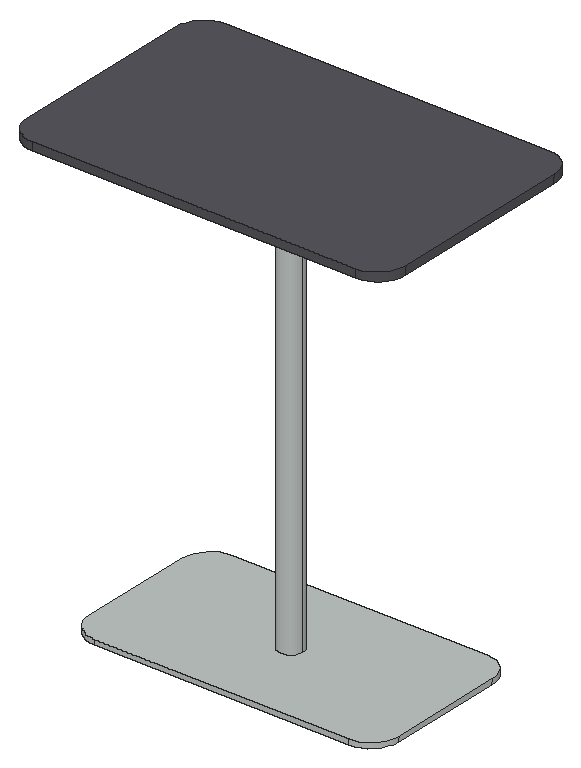
Revit family "FU_Table_Sandler_Nume 9-1FH", category Furniture, Revit 2020
Family settings
  OmniClass Number = 23.40.20.00
  OmniClass Title = General Furniture and Specialties
  Work Plane-Based = No
  Always vertical = Yes
  Cut with Voids When Loaded = No
  Shared = No
  Room Calculation Point = No
Parameters (values of type "NUME 9.1FH HPL/Fenix Top")
  Width = 550 mm
  URL = "https://www.sandlerseating.com/product/nume-9-1-FH/"
  Top Type = Nume_HPL_Top : Nume HPL 550x350x12mm
  Top Finish = HPL - Solid - Black
  Model = "Nume 9.1FH"
  Manufacturer = "Sandler"
  Height = 660 mm
  Description = "Fixed height side table, with HPL top and steel base."
  Depth = 350 mm
  Default Elevation = 0 mm
  Base Finish = Epoxy - M1_Aluminum
Types (3, lengths in mm): name | Top Type | Top Finish | Description | Base Finish
  (no name) | Nume_HPL_Top : Nume HPL 550x350x12mm | HPL - Solid - Black | "Fixed height side table, with HPL top and steel base." | Epoxy - M1_Aluminum
  NUME 9.1FH HPL/Fenix Top | Nume_HPL_Top : Nume HPL 550x350x12mm | HPL - Solid - Black | "Fixed height side table, with HPL top and steel base." | Epoxy - M1_Aluminum
  Nume 9.1 Wood/Laminate Top | Nume_Wood_Top : Nume Wood 550x350x19mm | Wood - Oak - Natural - V | "Fixed height side table, with wood top and steel base." | Epoxy - M2_B44
Reference planes
  plane 1 "Center (Front/Back)": y = 0
  plane 2: z = 0
  plane 3 "Center (Left/Right)": x = 0
  plane 4 "Right": x = -275
  plane 5 "Left": x = 275
  plane 6 "Back": y = 175
  plane 7 "Front": y = -175
  plane 8 "Height": z = 660
  plane 9 "Top Base": z = 648
Forms (mm)
  Extrusion 1, solid, material "Epoxy - M1_Aluminum" <- "Base Finish"
    sketch origin (0, -3.372, 0) x (1, 0, 0) y (0, 1, 0)
      loop
        arc (-185, 128.383) -> (-213.284, 116.668) -> (-225, 88.383) r 40
        line (-225, 88.383) -> (-225, -81.639)
        arc (-225, -81.639) -> (-213.284, -109.924) -> (-185, -121.639) r 40
        line (-185, -121.639) -> (185, -121.639)
        arc (185, -121.639) -> (213.284, -109.924) -> (225, -81.639) r 40
        line (225, -81.639) -> (225, 88.383)
        arc (225, 88.383) -> (213.284, 116.668) -> (185, 128.383) r 40
        line (185, 128.383) -> (-185, 128.383)
    from 0 to 7
  Revolve 2, solid, material "Epoxy - M1_Aluminum" <- "Base Finish"
    sketch origin (0, 0, 0) x (1, 0, 0) y (0, 0, 1)
      loop
        line (-12.5, 648) -> (-14.5, 648)
        arc (-14.5, 648) -> (-16.621, 647.121) -> (-17.5, 645) r 3
        line (-17.5, 645) -> (-17.5, 7) -> (-12.5, 7) -> (-12.5, 648)
      axis (0, 648) -> (0, 7)
    angle from 0 to 360
  Extrusion 3, solid, material "Epoxy - M1_Aluminum" <- "Base Finish"
    sketch origin (0, 0, 648) x (-1, 0, 0) y (0, -1, 0)
      loop
        arc (90, -75.051) -> (97.071, -72.122) -> (100, -65.051) r 10
        line (100, -65.051) -> (100, 64.947)
        arc (100, 64.947) -> (97.071, 72.018) -> (90, 74.947) r 10
        line (90, 74.947) -> (-90, 74.947)
        arc (-90, 74.947) -> (-97.071, 72.018) -> (-100, 64.947) r 10
        line (-100, 64.947) -> (-100, -65.051)
        arc (-100, -65.051) -> (-97.071, -72.122) -> (-90, -75.051) r 10
        line (-90, -75.051) -> (90, -75.051)
    from 0 to -4.04
Cuts and joins
  joined: Extrusion 1, Revolve 2
Dimensions and locks
  equal spacing: plane 4 "Right", plane 3 "Center (Left/Right)", plane 5 "Left"
  "Width": plane 4 "Right" to plane 5 "Left"
  equal spacing: plane 6 "Back", plane 1 "Center (Front/Back)", plane 7 "Front"
  "Depth": plane 6 "Back" to plane 7 "Front"
  "Height": plane 8 "Height" to level
  plane 9 "Top Base" to level = 648 mm
  locked: plane 8 "Height" to plane 9 "Top Base" at 12
  aligned and locked: level to plane 2
  aligned and locked: cut or joined group of Extrusion 1, Revolve 2 to plane 9 "Top Base"
Automatic sketch dimensions
  Revolve 2 sketch curve to plane 3 "Center (Left/Right)" = 0 mm
  Revolve 2 sketch curve to plane 3 "Center (Left/Right)" = 12.5 mm
  Revolve 2 sketch curve to Revolve 2 sketch curve = 2 mm
  Revolve 2 sketch curve to Revolve 2 sketch curve = 5 mm
  level to Revolve 2 sketch curve = 7 mm
  plane 1 "Center (Front/Back)" to Extrusion 3 sketch curve = 64.947 mm
  plane 3 "Center (Left/Right)" to Extrusion 3 sketch curve = 100 mm
  Extrusion 3 sketch curve to Extrusion 3 sketch curve = 10 mm  (x3)
  Extrusion 3 sketch curve to plane 3 "Center (Left/Right)" = 90 mm  (x2)
  Extrusion 3 sketch curve to plane 1 "Center (Front/Back)" = 65.051 mm
  Extrusion 1 sketch curve to plane 4 "Right" = 50 mm
  Extrusion 1 sketch curve to Extrusion 1 sketch curve = 40 mm  (x3)
  plane 5 "Left" to Extrusion 1 sketch curve = 90 mm  (x2)
  plane 7 "Front" to Extrusion 1 sketch curve = 49.989 mm
  Extrusion 1 sketch curve to plane 6 "Back" = 89.989 mm
  Revolve 2 sketch curve to plane 9 "Top Base" = 3 mm
  Revolve 2 sketch curve to Revolve 2 sketch curve = 207.542 mm
  Revolve 2 sketch curve to Revolve 2 sketch curve = 177 mm
Nested families
  nested 1: "Nume_HPL_Top" at (0, 0, 0), type <- "Top Type", Top Elevation <- "Height", Top Finish <- "Top Finish", type "Nume HPL 550x350x12mm"
    with Top Finish HPL - Solid - Black, Top Elevation 660 mm
Definition of nested family "Nume_HPL_Top"
  Parameters (values of type "Nume HPL 550x350x12mm")
    Width = 550 mm
    Top Elevation [instance] = 750 mm
    Top Finish [instance] = none
    Depth = 350 mm
    Default Elevation = 0 mm
  Reference planes
    plane 1 "Center (Front/Back)": y = 0
    plane 2: z = 0
    plane 3 "Center (Left/Right)": x = 0
    plane 4 "Right": x = -275
    plane 5 "Left": x = 275
    plane 6 "Back": y = 175
    plane 7 "Front": y = -175
    plane 8 "Elevation": z = 750
    plane 9 "Thickness": z = 738
  Forms (mm)
    Extrusion 1, solid, material <- "Top Finish"
      sketch origin (0, 0, 750) x (-1, 0, 0) y (0, -1, 0)
        loop
          arc (235, -175) -> (263.284, -163.284) -> (275, -135) r 40
          line (275, -135) -> (275, 135)
          arc (275, 135) -> (263.284, 163.284) -> (235, 175) r 40
          line (235, 175) -> (-235, 175)
          arc (-235, 175) -> (-263.284, 163.284) -> (-275, 135) r 40
          line (-275, 135) -> (-275, -135)
          arc (-275, -135) -> (-263.284, -163.284) -> (-235, -175) r 40
          line (-235, -175) -> (235, -175)
      from 0 to -12
  Dimensions and locks
    equal spacing: plane 4 "Right", plane 3 "Center (Left/Right)", plane 5 "Left"
    "Width": plane 4 "Right" to plane 5 "Left"
    equal spacing: plane 6 "Back", plane 1 "Center (Front/Back)", plane 7 "Front"
    "Depth": plane 6 "Back" to plane 7 "Front"
    "Top Elevation": plane 8 "Elevation" to level
    plane 9 "Thickness" to level = 738 mm
    locked: plane 8 "Elevation" to plane 9 "Thickness" at 12
    aligned and locked: level to plane 2
    aligned and locked: Extrusion 1 to plane 9 "Thickness"
    aligned and locked: plane 8 "Elevation" to Extrusion 1
    aligned and locked: Extrusion 1 to plane 8 "Elevation"  (x2)
  Automatic sketch dimensions
    Extrusion 1 sketch curve to plane 5 "Left" = 0 mm
    Extrusion 1 sketch curve to plane 6 "Back" = 0 mm
    Extrusion 1 sketch curve to plane 7 "Front" = 0 mm
    Extrusion 1 sketch curve to plane 4 "Right" = 0 mm
    Extrusion 1 sketch curve to Extrusion 1 sketch curve = 40 mm
    plane 5 "Left" to Extrusion 1 sketch curve = 40 mm
    Extrusion 1 sketch curve to plane 4 "Right" = 40 mm  (x2)
